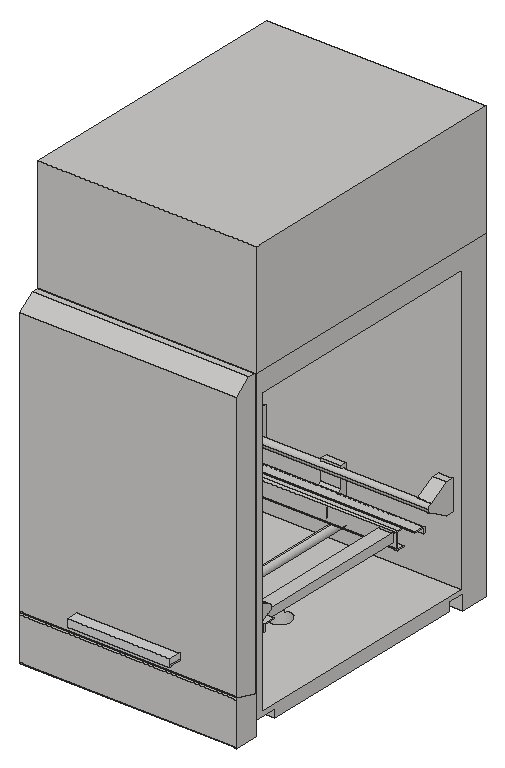
Revit family "QF_ELECTROLUXPROFESSIONAL_535178_NMDDREL5", category Specialty Equipment, Revit 2023
Family settings
  Round Connector Dimension = Use Diameter
  Part Type = Normal
  Work Plane-Based = No
  Enable Cutting in Views = No
  Always vertical = Yes
  Cut with Voids When Loaded = No
  Maintain Annotation Orientation = No
  Shared = No
  Room Calculation Point = No
Parameters (values of type "NMDDREL5")
  Weight = 57.00 kg
  Watts = 0 W
  Volts = 380 V
  URL Manufacturer = "http://www.electroluxprofessional.com"
  URL = "http://www.electroluxprofessional.com"
  Steam Supply Size = 0 mm
  Steam Supply Minimum Pressure = 0.0 Pa
  Steam Supply Maximum Pressure = 0.0 Pa
  Steam Pounds per Hour = 0
  Show Logo [instance] = yes
  Refrigeration Suction Line Size = 0 mm
  Refrigeration Liquid Line Size = 0 mm
  Refrigerant Compressor Remote = yes
  Manufacturer = "Electrolux Professional"
  Phase = 3
  Model = "NMDDREL5"
  Length Actual = 560 mm
  Show Clearance [instance] = yes
  Item Number = "535178"
  Hot Water Size = 0 mm
  Height Actual = 1172 mm
  HP = "5.9 HP"
  Gas Size = 0 mm
  Gas KW = 0
  Gas Input Pressure = 0 W
  Direct Waste Size = 50 mm
  Description = "MEDIUM DRYER WITH DOOR, DUAL RINSE RT, L>R, ELECTRIC, 50/60HZ"
  Depth Actual = 825 mm
  Default Elevation = 0 mm
  Cycle = 50 Hz
  Condensate Return Size = 0 mm
  Compressed Air Volume = 0.0 L/s
  Compressed Air Size = 0 mm
  Compressed Air Pressure = 0.0 Pa
  Cold Water Size = 0 mm
  Accessory = no
Reference planes
  plane 1 "Center X": y = -10.242
  plane 2: z = 0
  plane 3 "LEFT": x = -383.563
  plane 4 "RIGHT": x = 176.437
  plane 5 "BACK": y = 388.258
  plane 6 "FEET": z = 150
  plane 7: z = 2095
  plane 8 "BASE": z = 187
  plane 9 "TOP": z = 1785
  plane 10 "FRONT": y = -408.742
  plane 11: y = 311.258
  plane 12 "Medium": z = 775
  plane 13 "DrainX": x = -36.563
Forms (mm)
  Extrusion 1, solid, material "QF_Finishes_Stainless Steel"
    sketch origin (176.437, 479.936, 4000) x (0, 1, 0) y (0, 0, 1)
      loop
        line (-96.678, -2215) -> (-828.678, -2215) -> (-828.678, -2507) -> (-96.678, -2507) -> (-96.678, -2215)
    from -560 to 0
  Extrusion 2, solid, material "QF_Finishes_Stainless Steel"
    sketch origin (-383.563, 437.565, 4000) x (0, 1, 0) y (0, 0, 1)
      loop
        line (-54.307, -2507) -> (-786.307, -2507) -> (-786.307, -3300) -> (-727.307, -3300) -> (-727.307, -3322) -> (-171.307, -3322) -> (-171.307, -3300) -> (-126.307, -3300) -> (-126.307, -3340) -> (-54.307, -3340) -> (-54.307, -2507)
      loop
        line (-129.307, -2557) -> (-769.307, -2557) -> (-769.307, -3290) -> (-129.307, -3290) -> (-129.307, -2557)
    from 560 to 0
  Revolve 3, solid, material "QF_Finishes_Stainless Steel"
    sketch origin (-36.563, 0, 0) x (0, -1, 0) y (0, 0, 1)
      loop
        line (35.242, 613) -> (35.242, 633) -> (40.242, 633) -> (40.242, 663) -> (47.242, 663) -> (47.242, 678) -> (30.242, 678) -> (30.242, 613) -> (35.242, 613)
      axis (10.242, 613) -> (10.242, 678)
    angle from 0 to 360
  Extrusion 4, void
    sketch origin (0, 0, 775) x (-1, 0, 0) y (0, -1, 0)
      loop
        circle (36.563, 10.242) r 30
    from 0 to -97
  Extrusion 5, solid, material "QF_Clearance", detail levels coarse
    sketch origin (516.437, -74.242, 0) x (1, 0, 0) y (0, 1, 0)
      loop
        line (-900, 462.5) -> (-340, 462.5) -> (-340, 512.5) -> (-900, 512.5) -> (-900, 462.5)
    from 659 to 1785
Cuts and joins
  Extrusion 4 cuts Extrusion 2
Lines and regions (mm)
  symbolic lines
    curve 1: line (-383.563, 383.258, 0) -> (176.437, 383.258, 0)
    curve 2: line (-383.563, -348.742, 0) -> (-383.563, 383.258, 0)
    curve 3: line (176.437, -348.742, 0) -> (-383.563, -348.742, 0)
    curve 4: line (176.437, 383.258, 0) -> (176.437, -348.742, 0)
    curve 7: line (-383.563, 383.258, 0) -> (177.437, -348.742, 0)
    curve 8: line (-383.563, -10.242, 0) -> (-358.563, -10.242, 0)
    curve 9: line (176.437, -10.242, 0) -> (151.437, -10.242, 0)
  symbolic lines, style "SpecialityEquipment"
    curve 5: line (176.437, -281.742, 0) -> (-383.563, -281.742, 0)
    curve 6: line (-383.563, 308.258, 0) -> (176.437, 308.258, 0)
  symbolic lines, style "QF_Clearances"
    curve 10: line (-383.563, 438.258, 0) -> (176.437, 438.258, 0)
Dimensions and locks
  plane 3 "LEFT" to plane 4 "RIGHT" = 560 mm
  plane 5 "BACK" to plane 1 "Center X" to plane 10 "FRONT" = 398.5 mm, 398.5 mm
  plane 6 "FEET" to level = 150 mm
  plane 6 "FEET" to plane 9 "TOP" = 1635 mm
  plane 5 "BACK" to plane 10 "FRONT" = 797 mm  (x2)
  plane 4 "RIGHT" to plane 3 "LEFT" = 560 mm
  nested 1 to nested 2 to nested 2 to nested 2 = 732 mm, 60 mm, 30 mm
  plane 12 "Medium" to level = 775 mm
  plane 3 "LEFT" to plane 13 "DrainX" = 347 mm
  aligned and locked: level to plane 2
Nested families
  nested 1: "Basket_Guide+Wash_Arm_22''" at (-514, 0, 0), type "Basket_Guide+Wash_Arm_22''"
  nested 2: "DoorMDryer_22''" at (-454, 0, 0), Show Clearance <- "Show Clearance", type "DoorMDryer_22''"
Connectors
  piping at (-36.563, -10.242, 613), diameter 50
    settings: on Revolve 3, index 1, connector inside diameter 609.6 mm, connector length 0 mm, flow factor 0, pipe flow 0.0 L/s, pressure drop 0.0 Pa, fitting loss kfactor 0, connector angle 0.00°, fixture units 0, engagement length 0 mm, angle of deflection 0.00°, flow configuration 1, flow direction 2, fitting loss method 0, system type 16, joint type 0, gender type 0, connector reference index -1, connector utility 0, adjustable connector no, is connector primary yes, connector description "DRAIN"
Definition of nested family "Basket_Guide+Wash_Arm_22''"
  Parameters
    Default Elevation = 0 mm
  Reference planes
    plane 1: z = 0
    plane 2 "Center Y": x = 409.437
    plane 3 "LEFT": x = 130.437
    plane 4 "BACK": y = 383.258
    plane 5 "FRONT": y = -408.742
    plane 6: z = 150
    plane 7 "TOP": z = 1785
    plane 8: z = 875
    plane 9 "RIGHT": x = 688.437
  Forms (mm)
    Extrusion 1, solid
      sketch origin (243.437, -18.984, 0) x (0, -1, 0) y (0, 0, 1)
        loop
          line (264.703, 929.245) -> (264.703, 907.554) -> (312.758, 879.81) -> (312.758, 956.99) -> (264.703, 929.245)
        loop
          line (-259.187, 929.245) -> (-307.242, 956.99) -> (-327.242, 956.99) -> (-327.242, 879.81) -> (-307.242, 879.81) -> (-259.187, 907.554) -> (-259.187, 929.245)
      from -424 to -388
    Extrusion 2, solid
      sketch origin (293.437, -18.984, 0) x (0, -1, 0) y (0, 0, 1)
        loop
          circle (264.703, 918.4) r 10
        loop
          circle (-259.187, 918.4) r 10
      from -374 to 142
    Extrusion 3, solid
      sketch origin (293.437, -18.984, 0) x (0, -1, 0) y (0, 0, 1)
        loop
          line (-252.564, 858) -> (-252.564, 870.68)
          arc (-252.564, 870.68) -> (-251.884, 872.32) -> (-250.244, 873) r 2.32
          line (-250.244, 873) -> (-222.564, 873) -> (-222.564, 875) -> (-250.244, 875)
          arc (-250.244, 875) -> (-253.299, 873.735) -> (-254.564, 870.68) r 4.32
          line (-254.564, 870.68) -> (-254.564, 858) -> (-252.564, 858)
        loop
          line (258.08, 858) -> (260.08, 858) -> (260.08, 870.68)
          arc (260.08, 870.68) -> (258.815, 873.735) -> (255.76, 875) r 4.32
          line (255.76, 875) -> (228.08, 875) -> (228.08, 873) -> (255.76, 873)
          arc (255.76, 873) -> (257.401, 872.32) -> (258.08, 870.68) r 2.32
          line (258.08, 870.68) -> (258.08, 858)
      from -360 to 128
    Extrusion 4, solid
      sketch origin (293.437, -18.984, 0) x (0, -1, 0) y (0, 0, 1)
        loop
          arc (-216.187, 825.32) -> (-216.866, 823.679) -> (-218.507, 823) r 2.32
          line (-218.507, 823) -> (-236.187, 823) -> (-236.187, 821) -> (-218.507, 821)
          arc (-218.507, 821) -> (-215.452, 822.265) -> (-214.187, 825.32) r 4.32
          line (-214.187, 825.32) -> (-214.187, 861.68)
          arc (-214.187, 861.68) -> (-215.452, 864.735) -> (-218.507, 866) r 4.32
          line (-218.507, 866) -> (-236.187, 866) -> (-236.187, 864) -> (-218.507, 864)
          arc (-218.507, 864) -> (-216.866, 863.32) -> (-216.187, 861.68) r 2.32
          line (-216.187, 861.68) -> (-216.187, 825.32)
        loop
          line (221.703, 825.32) -> (221.703, 861.68)
          arc (221.703, 861.68) -> (222.383, 863.32) -> (224.023, 864) r 2.32
          line (224.023, 864) -> (241.703, 864) -> (241.703, 866) -> (224.023, 866)
          arc (224.023, 866) -> (220.969, 864.735) -> (219.703, 861.68) r 4.32
          line (219.703, 861.68) -> (219.703, 825.32)
          arc (219.703, 825.32) -> (220.969, 822.265) -> (224.023, 821) r 4.32
          line (224.023, 821) -> (241.703, 821) -> (241.703, 823) -> (224.023, 823)
          arc (224.023, 823) -> (222.383, 823.679) -> (221.703, 825.32) r 2.32
      from -320 to 88
    Extrusion 5, solid
      sketch origin (575.437, -18.984, 0) x (0, -1, 0) y (0, 0, 1)
        loop
          line (264.703, 929.245) -> (264.703, 907.554) -> (312.758, 879.81) -> (312.758, 956.99) -> (264.703, 929.245)
        loop
          line (-259.187, 929.245) -> (-307.242, 956.99) -> (-327.242, 956.99) -> (-327.242, 879.81) -> (-307.242, 879.81) -> (-259.187, 907.554) -> (-259.187, 929.245)
      from 424 to 388
    Extrusion 6, solid
      sketch origin (243.437, -18.984, 0) x (0, -1, 0) y (0, 0, 1)
        loop
          line (219.703, 858) -> (-214.187, 858) -> (-214.187, 836) -> (219.703, 836) -> (219.703, 858)
      from -360 to -325
    Extrusion 7, solid
      sketch origin (575.437, -18.984, 0) x (0, -1, 0) y (0, 0, 1)
        loop
          line (219.703, 858) -> (-214.187, 858) -> (-214.187, 836) -> (219.703, 836) -> (219.703, 858)
      from 360 to 325
    Extrusion 8, solid
      sketch origin (409.437, 308.258, 1443) x (0, 0, 1) y (-1, 0, 0)
        loop
          line (-650.516, 7.5) -> (-663.507, 15) -> (-676.497, 7.5) -> (-676.497, -7.5) -> (-663.507, -15) -> (-650.516, -7.5) -> (-650.516, 7.5)
        loop
          line (-22.01, 7.5) -> (-35, 15) -> (-47.99, 7.5) -> (-47.99, -7.5) -> (-35, -15) -> (-22.01, -7.5) -> (-22.01, 7.5)
      from 0 to 30
    Extrusion 9, solid
      sketch origin (409.437, 278.258, 1443) x (0, 0, 1) y (-1, 0, 0)
        loop
          circle (-663.507, 0) r 10
        loop
          circle (-35, 0) r 10
      from 0 to 537.443
    Extrusion 10, solid
      sketch origin (409.437, -38.984, 0) x (0, -1, 0) y (0, 0, 1)
        loop
          line (244.703, 880.8) -> (236.703, 872.8) -> (221.703, 872.8) -> (221.703, 855.89) -> (201.703, 855.89) -> (201.703, 833.698) -> (238.1, 833.698) -> (209.284, 804.882) -> (200.502, 763.596) -> (201.48, 763.388) -> (210.201, 804.385) -> (262.124, 856.308) -> (262.124, 933.4) -> (244.703, 933.4) -> (244.703, 880.8)
        loop
          line (-279.187, 880.8) -> (-279.187, 933.4) -> (-296.608, 933.4) -> (-296.608, 856.308) -> (-273.998, 833.698) -> (-236.187, 833.698) -> (-236.187, 855.89) -> (-256.187, 855.89) -> (-256.187, 872.8) -> (-271.187, 872.8) -> (-279.187, 880.8)
        loop
          line (220.202, 1443) -> (218.202, 1443) -> (218.202, 1420.7) -> (195.852, 1381.988) -> (197.584, 1380.988) -> (220.202, 1420.164) -> (220.202, 1443)
      from -25 to 25
  Cuts and joins
    joined: Extrusion 1, Extrusion 2, Extrusion 3, Extrusion 4, Extrusion 5, Extrusion 6, Extrusion 7, Extrusion 8, Extrusion 9, Extrusion 10
  Dimensions and locks
    plane 3 "LEFT" to plane 9 "RIGHT" = 558 mm
    equal spacing: plane 3 "LEFT", plane 2 "Center Y", plane 9 "RIGHT", locked at 279 each
    plane 7 "TOP" to plane 6 to level = 1635 mm, 150 mm
    plane 4 "BACK" to plane 5 "FRONT" = 792 mm
    aligned and locked: level to plane 1
  Automatic sketch dimensions
    plane 8 to Extrusion 1 sketch curve = 4.81 mm  (x2)
    Extrusion 1 sketch curve to plane 4 "BACK" = 75 mm
    Extrusion 1 sketch curve to Extrusion 1 sketch curve = 20 mm  (x2)
    Extrusion 1 sketch curve to Extrusion 1 sketch curve = 48.055 mm  (x2)
    plane 8 to Extrusion 1 sketch curve = 32.554 mm  (x2)
    plane 5 "FRONT" to Extrusion 1 sketch curve = 125.055 mm
    Extrusion 1 sketch curve to Extrusion 1 sketch curve = 21.691 mm  (x2)
    Extrusion 1 sketch curve to Extrusion 1 sketch curve = 27.745 mm  (x2)
    plane 8 to Extrusion 2 sketch curve = 43.4 mm  (x2)
    Extrusion 2 sketch curve to plane 4 "BACK" = 143.055 mm
    plane 5 "FRONT" to Extrusion 2 sketch curve = 125.055 mm
    Extrusion 3 sketch curve to Extrusion 3 sketch curve = 0 mm  (x4)
    Extrusion 3 sketch curve to plane 8 = 0 mm  (x2)
    Extrusion 3 sketch curve to plane 8 = 4.32 mm  (x2)
    Extrusion 3 sketch curve to plane 4 "BACK" = 147.678 mm
    Extrusion 3 sketch curve to Extrusion 3 sketch curve = 2 mm  (x2)
    Extrusion 3 sketch curve to Extrusion 3 sketch curve = 27.68 mm  (x2)
    plane 5 "FRONT" to Extrusion 3 sketch curve = 161.678 mm
    Extrusion 3 sketch curve to Extrusion 3 sketch curve = 12.68 mm  (x2)
    Extrusion 4 sketch curve to Extrusion 4 sketch curve = 0 mm  (x9)
    Extrusion 4 sketch curve to plane 8 = 9 mm
    Extrusion 4 sketch curve to plane 4 "BACK" = 166.055 mm
    Extrusion 4 sketch curve to Extrusion 4 sketch curve = 17.68 mm  (x4)
    Extrusion 4 sketch curve to Extrusion 4 sketch curve = 2.32 mm  (x3)
    Extrusion 4 sketch curve to Extrusion 4 sketch curve = 2 mm  (x2)
    Extrusion 4 sketch curve to plane 8 = 49.68 mm
    plane 5 "FRONT" to Extrusion 4 sketch curve = 170.055 mm
    Extrusion 4 sketch curve to Extrusion 4 sketch curve = 43 mm
    Extrusion 4 sketch curve to plane 8 = 13.32 mm
    plane 8 to Extrusion 5 sketch curve = 4.81 mm  (x2)
    Extrusion 5 sketch curve to plane 4 "BACK" = 75 mm
    Extrusion 5 sketch curve to Extrusion 5 sketch curve = 20 mm  (x2)
    Extrusion 5 sketch curve to Extrusion 5 sketch curve = 48.055 mm  (x2)
    plane 8 to Extrusion 5 sketch curve = 32.554 mm  (x2)
    plane 5 "FRONT" to Extrusion 5 sketch curve = 125.055 mm
    Extrusion 5 sketch curve to Extrusion 5 sketch curve = 21.691 mm  (x2)
    Extrusion 5 sketch curve to Extrusion 5 sketch curve = 27.745 mm  (x2)
    Extrusion 6 sketch curve to plane 8 = 17 mm
    Extrusion 6 sketch curve to plane 4 "BACK" = 188.055 mm
    Extrusion 6 sketch curve to plane 8 = 39 mm
    plane 5 "FRONT" to Extrusion 6 sketch curve = 170.055 mm
    Extrusion 7 sketch curve to plane 8 = 17 mm
    Extrusion 7 sketch curve to plane 4 "BACK" = 188.055 mm
    Extrusion 7 sketch curve to plane 8 = 39 mm
    plane 5 "FRONT" to Extrusion 7 sketch curve = 170.055 mm
    Extrusion 8 sketch curve to plane 2 "Center Y" = 7.5 mm  (x4)
    Extrusion 8 sketch curve to plane 8 = 108.497 mm
    Extrusion 8 sketch curve to plane 2 "Center Y" = 15 mm  (x2)
    Extrusion 8 sketch curve to Extrusion 8 sketch curve = 12.99 mm  (x6)
    plane 2 "Center Y" to Extrusion 8 sketch curve = 15 mm  (x2)
    Extrusion 8 sketch curve to plane 7 "TOP" = 389.99 mm
    plane 2 "Center Y" to Extrusion 8 sketch curve = 7.5 mm  (x4)
    plane 8 to Extrusion 10 sketch curve = 58.4 mm
    Extrusion 10 sketch curve to plane 4 "BACK" = 125.634 mm
    Extrusion 10 sketch curve to Extrusion 10 sketch curve = 17.421 mm  (x3)
    plane 8 to Extrusion 10 sketch curve = 5.8 mm  (x2)
    Extrusion 10 sketch curve to plane 8 = 41.302 mm  (x2)
    Extrusion 10 sketch curve to Extrusion 10 sketch curve = 22.61 mm
    Extrusion 10 sketch curve to plane 8 = 2.2 mm  (x2)
    Extrusion 10 sketch curve to Extrusion 10 sketch curve = 8 mm  (x2)
    Extrusion 10 sketch curve to Extrusion 10 sketch curve = 15 mm  (x2)
    Extrusion 10 sketch curve to Extrusion 10 sketch curve = 20 mm  (x2)
    plane 5 "FRONT" to Extrusion 10 sketch curve = 173.907 mm
    Extrusion 10 sketch curve to Extrusion 10 sketch curve = 1.732 mm
    plane 5 "FRONT" to Extrusion 10 sketch curve = 169.257 mm
    Extrusion 10 sketch curve to Extrusion 10 sketch curve = 0.978 mm
    Extrusion 10 sketch curve to plane 8 = 19.11 mm
    Extrusion 10 sketch curve to Extrusion 10 sketch curve = 1.202 mm
    Extrusion 10 sketch curve to plane 8 = 70.118 mm
    Extrusion 10 sketch curve to Extrusion 10 sketch curve = 7.581 mm
    Extrusion 10 sketch curve to plane 8 = 70.615 mm
    Extrusion 10 sketch curve to Extrusion 10 sketch curve = 0.916 mm
    Extrusion 10 sketch curve to Extrusion 10 sketch curve = 22.35 mm
    Extrusion 10 sketch curve to Extrusion 10 sketch curve = 2 mm
    Extrusion 10 sketch curve to Extrusion 10 sketch curve = 16.397 mm
    Extrusion 10 sketch curve to Extrusion 10 sketch curve = 0 mm
    Extrusion 10 sketch curve to Extrusion 10 sketch curve = 16.909 mm
    Extrusion 10 sketch curve to plane 8 = 18.692 mm  (x2)
    Extrusion 10 sketch curve to Extrusion 10 sketch curve = 52.6 mm
    Extrusion 10 sketch curve to plane 7 "TOP" = 404.012 mm
    Extrusion 10 sketch curve to Extrusion 10 sketch curve = 1 mm
    Extrusion 10 sketch curve to Extrusion 10 sketch curve = 22.3 mm
    Extrusion 9 sketch curve to Extrusion 8 = 12.99 mm  (x3)
    Extrusion 9 sketch curve to Extrusion 9 sketch curve = 0 mm
    radius of Extrusion 2 sketch curve = 10 mm  (x2)
    radius of Extrusion 9 sketch curve = 10 mm  (x2)
Definition of nested family "DoorMDryer_22''"
  Parameters
    Show Clearance [instance] = yes
    Default Elevation = 0 mm
  Reference planes
    plane 1: z = 0
    plane 2 "Center Y": x = 350.437
    plane 3 "LEFT": x = 70.437
    plane 4 "RIGHT": x = 630.437
    plane 5 "FRONT": y = -408.742
    plane 6: z = 150
    plane 7: y = -348.742
    plane 8: z = 775
  Forms (mm)
    Extrusion 1, solid
      sketch origin (853.437, -408.742, 1493) x (0, 0, -1) y (1, 0, 0)
        loop
          line (666, -634) -> (681, -634)
          arc (681, -634) -> (684.536, -632.536) -> (686, -629) r 5
          line (686, -629) -> (686, -377)
          arc (686, -377) -> (684.536, -373.464) -> (681, -372) r 5
          line (681, -372) -> (666, -372) -> (666, -634)
      from 0 to 30
    Extrusion 2, solid
      sketch origin (350.437, 0, 0) x (0, 1, 0) y (0, 0, 1)
        loop
          line (-348.742, 659) -> (-348.742, 758.131) -> (-405.595, 774.035)
          arc (-405.595, 774.035) -> (-407.764, 773.603) -> (-408.742, 771.62) r 2.5
          line (-408.742, 771.62) -> (-408.742, 661.5)
          arc (-408.742, 661.5) -> (-408.01, 659.732) -> (-406.242, 659) r 2.5
          line (-406.242, 659) -> (-348.742, 659)
      from -277 to 277
    Extrusion 3, solid
      sketch origin (350.437, 0, 0) x (0, 1, 0) y (0, 0, 1)
        loop
          line (-351.742, 1493) -> (-368.817, 1493) -> (-408.742, 1463.413) -> (-408.742, 778.225)
          arc (-408.742, 778.225) -> (-408.225, 776.703) -> (-406.889, 775.81) r 2.5
          line (-406.889, 775.81) -> (-354.889, 761.206)
          arc (-354.889, 761.206) -> (-352.72, 761.638) -> (-351.742, 763.621) r 2.5
          line (-351.742, 763.621) -> (-351.742, 1493)
      from -277 to 277
    Extrusion 4, solid, visible <- "Show Clearance", detail levels coarse
      sketch origin (853.437, -408.742, 2095) x (0, 0, -1) y (1, 0, 0)
        loop
          line (666, -634) -> (681, -634)
          arc (681, -634) -> (684.536, -632.536) -> (686, -629) r 5
          line (686, -629) -> (686, -377)
          arc (686, -377) -> (684.536, -373.464) -> (681, -372) r 5
          line (681, -372) -> (666, -372) -> (666, -634)
      from 0 to 30
    Extrusion 5, solid, visible <- "Show Clearance", detail levels coarse
      sketch origin (350.437, 0, 0) x (0, 1, 0) y (0, 0, 1)
        loop
          line (-351.742, 2095) -> (-368.817, 2095) -> (-408.742, 2065.413) -> (-408.742, 1463.413) -> (-368.817, 1493) -> (-351.742, 1493) -> (-351.742, 2095)
      from -277 to 277
  Lines and regions (mm)
    symbolic lines
      curve 1: line (73.437, -408.742, 1785) -> (73.437, -348.742, 1785)
      curve 2: line (627.437, -408.742, 1785) -> (73.437, -408.742, 1785)
      curve 3: line (627.437, -348.742, 1785) -> (627.437, -408.742, 1785)
      curve 4: line (219.437, -438.742, 1785) -> (219.437, -408.742, 1785)
      curve 5: line (481.437, -438.742, 1785) -> (219.437, -438.742, 1785)
      curve 6: line (481.437, -408.742, 1785) -> (481.437, -438.742, 1785)
  Dimensions and locks
    locked: plane 3 "LEFT" to plane 4 "RIGHT" at 560
    plane 6 to level = 150 mm
    equal spacing: plane 3 "LEFT", plane 2 "Center Y", plane 4 "RIGHT", locked at 280 each
    plane 3 "LEFT" to Extrusion 5 = 3 mm
    Extrusion 5 to plane 4 "RIGHT" = 3 mm
    plane 8 to level = 775 mm
    aligned and locked: level to plane 1
    aligned and locked: Extrusion 3 to Extrusion 2
  Automatic sketch dimensions
    Extrusion 1 sketch curve to plane 2 "Center Y" = 131 mm
    plane 6 to Extrusion 1 sketch curve = 677 mm
    Extrusion 1 sketch curve to Extrusion 1 sketch curve = 15 mm  (x2)
    Extrusion 1 sketch curve to Extrusion 1 sketch curve = 5 mm
    plane 2 "Center Y" to Extrusion 1 sketch curve = 126 mm
    Extrusion 4 sketch curve to plane 2 "Center Y" = 131 mm
    plane 6 to Extrusion 4 sketch curve = 1279 mm
    Extrusion 4 sketch curve to Extrusion 4 sketch curve = 15 mm  (x2)
    Extrusion 4 sketch curve to Extrusion 4 sketch curve = 5 mm
    plane 2 "Center Y" to Extrusion 4 sketch curve = 126 mm
    curve 1 to plane 7 = 0 mm
    curve 3 to plane 7 = 0 mm
    curve 2 to plane 5 "FRONT" = 0 mm
    curve 5 to plane 5 "FRONT" = 30 mm
    plane 3 "LEFT" to curve 2 = 3 mm
    curve 5 to plane 2 "Center Y" = 131 mm
    plane 2 "Center Y" to curve 5 = 131 mm
    curve 2 to plane 4 "RIGHT" = 3 mm
    Extrusion 5 sketch curve to plane 5 "FRONT" = 0 mm
    Extrusion 5 sketch curve to plane 7 = 20.076 mm  (x2)
    Extrusion 5 sketch curve to plane 7 = 3 mm
    plane 6 to Extrusion 5 sketch curve = 1313.413 mm
    Extrusion 5 sketch curve to Extrusion 5 sketch curve = 29.587 mm  (x2)
    Extrusion 5 sketch curve to Extrusion 5 sketch curve = 572.413 mm
    Extrusion 3 sketch curve to plane 5 "FRONT" = 0 mm
    plane 5 "FRONT" to Extrusion 3 sketch curve = 1.853 mm
    Extrusion 3 sketch curve to Extrusion 3 sketch curve = 0.647 mm  (x2)
    Extrusion 3 sketch curve to plane 7 = 20.076 mm
    Extrusion 3 sketch curve to plane 7 = 6.147 mm
    Extrusion 3 sketch curve to plane 7 = 3 mm
    plane 6 to Extrusion 3 sketch curve = 611.206 mm
    Extrusion 3 sketch curve to Extrusion 3 sketch curve = 14.603 mm
    Extrusion 3 sketch curve to Extrusion 3 sketch curve = 685.188 mm
    Extrusion 3 sketch curve to Extrusion 3 sketch curve = 29.587 mm
    Extrusion 2 sketch curve to plane 5 "FRONT" = 0 mm
    Extrusion 2 sketch curve to plane 7 = 0 mm
    Extrusion 2 sketch curve to Extrusion 2 sketch curve = 2.5 mm  (x2)
    Extrusion 2 sketch curve to plane 8 = 0.965 mm
    Extrusion 2 sketch curve to Extrusion 2 sketch curve = 0.647 mm
    Extrusion 2 sketch curve to plane 8 = 16.869 mm
    Extrusion 2 sketch curve to Extrusion 2 sketch curve = 110.12 mm
